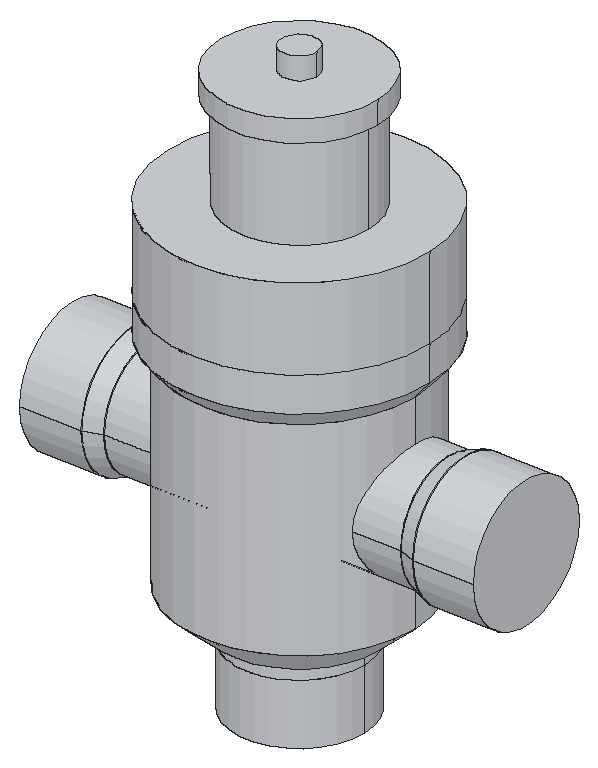
Revit family "VMX11P_DN15_PN16_RFA_2018", category Pipe Accessories, Revit 2018
Family settings
  Round Connector Dimension = Use Diameter
  Part Type = Valve - Breaks Into
  Work Plane-Based = No
  Always vertical = Yes
  Cut with Voids When Loaded = No
  Shared = No
Parameters (values of type "VMX11P G1/2  PN16 kvs0,6")
  magiProductId = ""
  magiProductFamilyId = ""
  magiPartTypeId = 320
  isMeasuringValve [instance] = no
  ang2D [instance] = 0.00°
  Z9 = 7 mm
  Z8 = 4 mm
  Z7__ve = -Z7  # -2.5 mm
  Z7 = 2.5 mm
  Z6 = 8.775 mm
  Z5 = 9.45 mm
  Z3 = 2 mm
  Z2 = 5 mm
  Z1 = 3.75 mm
  X4__ve = -X4  # -7 mm
  X4 = 7 mm
  X3 = 34 mm
  X1 = 5.2 mm
  W2D = 15 mm
  VersionID = ""
  Use Minimum Symbol Size [instance] = no
  URL = "www.hydronix.cz"
  Type Comments = "Závitový, vnější závit, ploché těsnění; LIN charakteristika; PN16; +5~+95°C; max.rychlost proudění 3,0 m/s"
  TL = 52 mm
  R9 = 9 mm
  R8 = 2 mm
  R7 = 15 mm
  R6 = 9 mm
  R5 = 10.214 mm
  R4 = 8.512 mm
  R3 = 7.5 mm
  R2 = 13.3 mm
  R10 = 8 mm
  R1 = 6.75 mm
  QmdConnectorList = "301;D;302;D;303;D"
  Productdata [instance] = ""
  Manufacturer = "Hydronix"
  MT = 1
  MC Product Code = "VMX11P (G1/2\"; dpmax=250kPa; kvs 0,6)"
  MC = yes
  LT2 = 19 mm
  L2D_Min = 30.48 mm
  L2D = 38 mm
  L = 38 mm
  H1 = 23.8 mm
  H = 27 mm
  E = 16 mm
  Description = "3 cestný regulační ventil malých spotřebičů, DN15; zdvih 2,5mm; max dp 250kPa; kvs0,6"
  DT2 = 7.5 mm
  D = 15 mm
  CS = no
  CAT0 = yes
  CAT = no
  C = 25 mm
  Assembly Code = ""
Types (8, lengths in mm): name | Z9 | Z6 | Z5 | Z2 | Z1 | X3 | X1 | W2D | TL | R6 | R5 | R4 | R3 | R2 | R1 | MC Product Code | LT2 | L2D | L | H1 | H | Description | DT2 | D | C
  VMX09P G1/2  PN16 kvs0,25 | 7 | 8.775 | 9.45 | 5 | 3.75 | 34 | 5.2 | 15 | 52 | 9 | 10.214 | 8.512 | 7.5 | 13.3 | 6.75 | "VMX09P (G1/2\"; dpmax=250kPa; kvs 0,25)" | 19 | 38 | 38 | 23.8 | 27 | "3 cestný regulační ventil malých spotřebičů, DN15; zdvih 2,5mm; max dp 250kPa; kvs0,25" | 7.5 | 15 | 25
  VMX10P G1/2  PN16 kvs0,4 | 7 | 8.775 | 9.45 | 5 | 3.75 | 34 | 5.2 | 15 | 52 | 9 | 10.214 | 8.512 | 7.5 | 13.3 | 6.75 | "VMX10P (G1/2\"; dpmax=250kPa; kvs 0,4)" | 19 | 38 | 38 | 23.8 | 27 | "3 cestný regulační ventil malých spotřebičů, DN15; zdvih 2,5mm; max dp 250kPa; kvs0,4" | 7.5 | 15 | 25
  VMX11P G1/2  PN16 kvs0,6 | 7 | 8.775 | 9.45 | 5 | 3.75 | 34 | 5.2 | 15 | 52 | 9 | 10.214 | 8.512 | 7.5 | 13.3 | 6.75 | "VMX11P (G1/2\"; dpmax=250kPa; kvs 0,6)" | 19 | 38 | 38 | 23.8 | 27 | "3 cestný regulační ventil malých spotřebičů, DN15; zdvih 2,5mm; max dp 250kPa; kvs0,6" | 7.5 | 15 | 25
  VMX12P G1/2  PN16 kvs1,0 | 7 | 8.775 | 9.45 | 5 | 3.75 | 34 | 5.2 | 15 | 52 | 9 | 10.214 | 8.512 | 7.5 | 13.3 | 6.75 | "VMX12P (G1/2\"; dpmax=250kPa; kvs 1,0)" | 19 | 38 | 38 | 23.8 | 27 | "3 cestný regulační ventil malých spotřebičů, DN15; zdvih 2,5mm; max dp 250kPa; kvs1,0" | 7.5 | 15 | 25
  VMX13P G1/2  PN16 kvs1,6 | 7 | 8.775 | 9.45 | 5 | 3.75 | 34 | 5.2 | 15 | 52 | 9 | 10.214 | 8.512 | 7.5 | 13.3 | 6.75 | "VMX13P (G1/2\"; dpmax=250kPa; kvs 1,6)" | 19 | 38 | 38 | 23.8 | 27 | "3 cestný regulační ventil malých spotřebičů, DN15; zdvih 2,5mm; max dp 250kPa; kvs1,6" | 7.5 | 15 | 25
  VMX21P G3/4  PN16 kvs2,5 | 8.8 | 8.45 | 9.1 | 6.8 | 5.1 | 38 | 5.6 | 20 | 56 | 12 | 11.29 | 9.408 | 10 | 14.7 | 9 | "VMX21P (G3/4\"; dpmax=150kPa; kvs 2,5)" | 21 | 42 | 42 | 29 | 26 | "3 cestný regulační ventil malých spotřebičů, DN20; zdvih 2,5mm; max dp 150kPa; kvs2,5" | 10 | 20 | 34
  VMX24P G3/4  PN16 kvs4,0 | 8.8 | 8.45 | 9.1 | 6.8 | 5.1 | 38 | 5.6 | 20 | 56 | 12 | 11.29 | 9.408 | 10 | 14.7 | 9 | "VMX24P (G3/4\";  dpmax A-AB=100kPa;  dpmax B-AB=40kPa;  kvs 4,0)" | 21 | 42 | 42 | 29 | 26 | "3 cestný regulační ventil malých spotřebičů, DN20; zdvih 2,5mm; max dp A-AB 100kPa; max dp B-AB 40kPa; kvs4,0" | 10 | 20 | 34
  VMX26P G3/4  PN16 kvs6,0 | 8.8 | 8.45 | 9.1 | 6.8 | 5.1 | 38 | 5.6 | 20 | 56 | 12 | 11.29 | 9.408 | 10 | 14.7 | 9 | "VMX26P (G3/4\";  dpmax A-AB=100kPa;  dpmax B-AB=40kPa;  kvs 6,0)" | 21 | 42 | 42 | 29 | 26 | "3 cestný regulační ventil malých spotřebičů, DN20; zdvih 2,5mm; max dp A-AB 100kPa; max dp B-AB 40kPa; kvs6,0" | 10 | 20 | 34
Reference planes
  plane 1 "Center (Front/Back)": y = 0
  plane 2 "XYPLANE": z = 0
  plane 3 "Center (Left/Right)": x = 0
  plane 4 "271": z = 38
  plane 5 "254": z = 11.55
  plane 6 "253": z = 17.55
  plane 7 "148": z = 40.5
  plane 8 "132": z = 43
  plane 9 "62": z = 13.55
  plane 10 "53": z = 27
  plane 11 "52": z = -12.25
  plane 12 "48": z = -16
  plane 13 "47": z = -18
  plane 14 "38": z = -23
  plane 15 "37": x = 17
  plane 16 "36": x = 19
  plane 17 "23": z = -25
  plane 18 "19": x = -17
  plane 19 "15": x = -19
  plane 20 "6": x = 26
  plane 21 "5": x = -26
  plane 22 "3": z = 0
  plane 23 "2": y = 0
  plane 24 "1": x = 0
Forms (mm)
  Extrusion 1, solid
    sketch origin (-750, 0, -25) x (1, 0, 0) y (0, 1, 0)
      loop
        circle (750, 0) r 7.5
    from 0 to 7 <- "Z9"
  Extrusion 2, solid, visible <- "CAT0"
    sketch origin (-750, 0, 43) x (1, 0, 0) y (0, 1, 0)
      loop
        circle (750, 0) r 2
    from 0 to -2.5 <- "Z7__ve"
  Extrusion 3, solid, visible <- "CAT0"
    sketch origin (-750, 0, 38) x (1, 0, 0) y (0, 1, 0)
      loop
        circle (750, 0) r 8
    from 0 to -19
  Extrusion 4, solid, visible <- "CAT0"
    sketch origin (-17, -750, 0) x (0, 1, 0) y (0, 0, 1)
      loop
        circle (750, 0) r 6.75
    from 0 to 34 <- "X3"
  Extrusion 5, solid
    sketch origin (-750, 0, 13.55) x (1, 0, 0) y (0, 1, 0)
      loop
        circle (750, 0) r 15
    from 0 to 4 <- "Z8"
  Extrusion 6, solid
    sketch origin (-750, 0, 40.5) x (1, 0, 0) y (0, 1, 0)
      loop
        circle (750, 0) r 9
    from 0 to -2.5 <- "Z7__ve"
  Extrusion 7, solid
    sketch origin (-750, 0, 17.55) x (1, 0, 0) y (0, 1, 0)
      loop
        circle (750, 0) r 15
    from 0 to 9.45 <- "Z5"
  Blend 8, solid
    base sketch origin (-750, 0, 11.55) x (1, 0, 0) y (0, 1, 0)
      loop
        circle (750, 0) r 13.3
    top sketch origin (-750, 0, 11.55) x (1, 0, 0) y (0, 1, 0)
      loop
        circle (750, 0) r 15
    from 0 to 2
  Blend 9, solid
    base sketch origin (-750, 0, -12.25) x (1, 0, 0) y (0, 1, 0)
      loop
        circle (750, 0) r 13.3
    top sketch origin (-750, 0, -12.25) x (1, 0, 0) y (0, 1, 0)
      loop
        circle (750, 0) r 9
    from 0 to -3.75
  Extrusion 10, solid
    sketch origin (-750, 0, -18) x (1, 0, 0) y (0, 1, 0)
      loop
        circle (750, 0) r 7.5
    from 0 to 2 <- "Z3"
  Extrusion 11, solid
    sketch origin (26, -750, 0) x (0, 1, 0) y (0, 0, 1)
      loop
        circle (750, 0) r 7.5
    from 0 to -7 <- "X4__ve"
  Blend 12, solid
    base sketch origin (19, -750, 0) x (0, 1, 0) y (0, 0, 1)
      loop
        circle (750, 0) r 7.5
    top sketch origin (19, -750, 0) x (0, 1, 0) y (0, 0, 1)
      loop
        circle (750, 0) r 6.75
    from 0 to -2
  Extrusion 13, solid
    sketch origin (-750, 0, -12.25) x (1, 0, 0) y (0, 1, 0)
      loop
        circle (750, 0) r 13.3
    from 0 to 23.8 <- "H1"
  Blend 14, solid
    base sketch origin (-19, -750, 0) x (0, 1, 0) y (0, 0, 1)
      loop
        circle (750, 0) r 7.5
    top sketch origin (-19, -750, 0) x (0, 1, 0) y (0, 0, 1)
      loop
        circle (750, 0) r 6.75
    from 0 to 2
  Extrusion 15, solid
    sketch origin (-26, -750, 0) x (0, 1, 0) y (0, 0, 1)
      loop
        circle (750, 0) r 7.5
    from 0 to 7 <- "X4"
  Extrusion 16, solid, not visible
    sketch origin (-750, 0, -18) x (1, 0, 0) y (0, 1, 0)
      loop
        circle (750, 0) r 10
    from 0 to 10
  Extrusion 17, solid, not visible
    sketch origin (19, -750, 0) x (0, 1, 0) y (0, 0, 1)
      loop
        circle (750, 0) r 10
    from 0 to -10
  Extrusion 18, solid, not visible
    sketch origin (-19, -750, 0) x (0, 1, 0) y (0, 0, 1)
      loop
        circle (750, 0) r 10
    from 0 to 10
Lines and regions (mm)
  reference lines, not visible
    curve 1: circle (2, 2, 0) r 1 normal (0, 0, 1)
Dimensions and locks
  plane 1 "Center (Front/Back)" to curve 1 = 2 mm
  "Z7": plane 7 "148" to plane 4 "271"
  "Z3": plane 9 "62" to plane 5 "254"
  "Z5": plane 10 "53" to plane 6 "253"
  "Z7": plane 8 "132" to plane 7 "148"
  "E": plane 10 "53" to plane 8 "132"
  "Z8": plane 6 "253" to plane 9 "62"
  "H": plane 2 "XYPLANE" to plane 10 "53"
  "Z1": plane 12 "48" to plane 11 "52"
  "Z3": plane 13 "47" to plane 12 "48"
  "Z2": plane 14 "38" to plane 13 "47"
  "Z3": plane 17 "23" to plane 14 "38"
  locked: plane 16 "36" to plane 15 "37" at 2
  "LT2": plane 3 "Center (Left/Right)" to plane 16 "36"
  "C": plane 2 "XYPLANE" to plane 17 "23"
  locked: plane 19 "15" to plane 18 "19" at 2
  "LT2": plane 3 "Center (Left/Right)" to plane 19 "15"
  "X4": plane 16 "36" to plane 20 "6"
  "X4": plane 19 "15" to plane 21 "5"
  locked: plane 2 "XYPLANE" to plane 22 "3"
  locked: plane 1 "Center (Front/Back)" to plane 23 "2"
  locked: plane 3 "Center (Left/Right)" to plane 24 "1"
  "DT2": radius of Extrusion 1 sketch curve
  "R8": radius of Extrusion 2 sketch curve
  "R10": radius of Extrusion 3 sketch curve
  "R1": radius of Extrusion 4 sketch curve
  "R7": radius of Extrusion 5 sketch curve
  "R9": radius of Extrusion 6 sketch curve
  "R7": radius of Extrusion 7 sketch curve
  "R7": radius of Blend 8 sketch curve
  "R2": radius of Blend 8 sketch curve
  "R6": radius of Blend 9 sketch curve
  "R2": radius of Blend 9 sketch curve
  "DT2": radius of Extrusion 10 sketch curve
  "DT2": radius of Extrusion 11 sketch curve
  "R1": radius of Blend 12 sketch curve
  "DT2": radius of Blend 12 sketch curve
  "R2": radius of Extrusion 13 sketch curve
  "R1": radius of Blend 14 sketch curve
  "DT2": radius of Blend 14 sketch curve
  "DT2": radius of Extrusion 15 sketch curve
  aligned and locked: level to plane 2 "XYPLANE"
  aligned and locked: plane 23 "2" to Extrusion 1 sketch curve
  aligned and locked: plane 24 "1" to Extrusion 1 sketch curve
  aligned and locked: plane 23 "2" to Extrusion 2 sketch curve
  aligned and locked: plane 24 "1" to Extrusion 2 sketch curve
  aligned and locked: plane 23 "2" to Extrusion 3 sketch curve
  aligned and locked: plane 24 "1" to Extrusion 3 sketch curve
  aligned and locked: plane 22 "3" to Extrusion 4 sketch curve
  aligned and locked: Extrusion 4 sketch curve to plane 23 "2"
  aligned and locked: plane 23 "2" to Extrusion 5 sketch curve
  aligned and locked: plane 24 "1" to Extrusion 5 sketch curve
  aligned and locked: plane 23 "2" to Extrusion 6 sketch curve
  aligned and locked: plane 24 "1" to Extrusion 6 sketch curve
  aligned and locked: plane 23 "2" to Extrusion 7 sketch curve
  aligned and locked: plane 24 "1" to Extrusion 7 sketch curve
  aligned and locked: plane 23 "2" to Blend 8 sketch curve  (x2)
  aligned and locked: plane 24 "1" to Blend 8 sketch curve  (x2)
  aligned and locked: plane 9 "62" to Blend 8
  aligned and locked: plane 23 "2" to Blend 9 sketch curve  (x2)
  aligned and locked: plane 24 "1" to Blend 9 sketch curve  (x2)
  aligned and locked: Blend 9 to plane 12 "48"
  aligned and locked: plane 23 "2" to Extrusion 10 sketch curve
  aligned and locked: plane 24 "1" to Extrusion 10 sketch curve
  aligned and locked: plane 22 "3" to Extrusion 11 sketch curve
  aligned and locked: Extrusion 11 sketch curve to plane 23 "2"
  aligned and locked: plane 22 "3" to Blend 12 sketch curve  (x2)
  aligned and locked: Blend 12 sketch curve to plane 23 "2"  (x2)
  aligned and locked: Blend 12 to plane 15 "37"
  aligned and locked: plane 23 "2" to Extrusion 13 sketch curve
  aligned and locked: plane 24 "1" to Extrusion 13 sketch curve
  aligned and locked: plane 22 "3" to Blend 14 sketch curve  (x2)
  aligned and locked: Blend 14 sketch curve to plane 23 "2"  (x2)
  aligned and locked: plane 18 "19" to Blend 14
  aligned and locked: plane 22 "3" to Extrusion 15 sketch curve
  aligned and locked: Extrusion 15 sketch curve to plane 23 "2"
  aligned and locked: plane 23 "2" to Extrusion 16 sketch curve
  aligned and locked: plane 24 "1" to Extrusion 16 sketch curve
  aligned and locked: plane 22 "3" to Extrusion 17 sketch curve
  aligned and locked: Extrusion 17 sketch curve to plane 23 "2"
  aligned and locked: plane 22 "3" to Extrusion 18 sketch curve
  aligned and locked: Extrusion 18 sketch curve to plane 23 "2"
Automatic sketch dimensions
  plane 1 "Center (Front/Back)" to Extrusion 16 sketch curve = 10 mm
  plane 1 "Center (Front/Back)" to Extrusion 17 sketch curve = 10 mm
  plane 1 "Center (Front/Back)" to Extrusion 18 sketch curve = 10 mm
  plane 3 "Center (Left/Right)" to curve 1 = 2 mm
  radius of curve 1 = 1 mm
Connectors
  piping at (-19, 0, 0), diameter 15, driven by "D"
    settings: on Extrusion 18, index 1, connector inside diameter 609.6 mm, connector length 0 mm, flow factor 0, pipe flow 0.0 L/s, pressure drop 0.0 Pa, fitting loss kfactor 0, connector angle 0.00°, fixture units 0, engagement length 0 mm, angle of deflection 0.00°, flow configuration 0, flow direction 0, fitting loss method 0, system type 29, joint type 0, gender type 0, connector reference index -1, connector utility 0, adjustable connector yes, is connector primary yes, connector description ""
  piping at (19, 0, 0), diameter 15, driven by "D"
    settings: on Extrusion 17, index 2, connector inside diameter 609.6 mm, connector length 0 mm, flow factor 0, pipe flow 0.0 L/s, pressure drop 0.0 Pa, fitting loss kfactor 0, connector angle 0.00°, fixture units 0, engagement length 0 mm, angle of deflection 0.00°, flow configuration 0, flow direction 0, fitting loss method 0, system type 29, joint type 0, gender type 0, connector reference index -1, connector utility 0, adjustable connector yes, is connector primary no, connector description ""
  piping at (0, 0, -18), diameter 15, driven by "D"
    settings: on Extrusion 16, index 3, connector inside diameter 609.6 mm, connector length 0 mm, flow factor 0, pipe flow 0.0 L/s, pressure drop 0.0 Pa, fitting loss kfactor 0, connector angle 0.00°, fixture units 0, engagement length 0 mm, angle of deflection 0.00°, flow configuration 0, flow direction 0, fitting loss method 0, system type 29, joint type 0, gender type 0, connector reference index -1, connector utility 0, adjustable connector yes, is connector primary no, connector description ""
